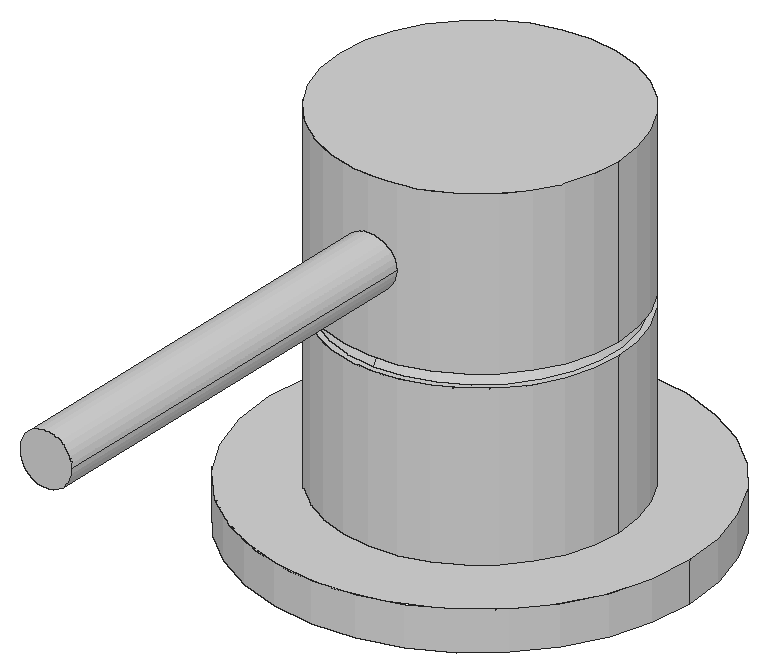
Revit family "Liano II - Bath-shower mixer - Round Cover Plate", category Specialty Equipment, host Face, Revit 2019
Family settings
  Host = Face
  Round Connector Dimension = Use Radius
  Part Type = Normal
  OmniClass Number = 23.45.55.17
  OmniClass Title = Mixing Faucets
  Cut with Voids When Loaded = No
  Shared = No
  Room Calculation Point = No
Parameters (values of type "Liano II - Bath/shower mixer - Round Cover Plate - Chrome")
  URL = "https://www.caroma.com.au/"
  Model = "96360C"
  Material_Base = GWA_Metal-Chrome
  Manufacturer = "GWA Bathrooms & Kitchens"  # constant formula
  Keynote = ""
  Description = "Liano II - Bath/shower mixer - Round Cover Plate - Chrome"
  Default Elevation = 1000 mm
  CreatedBy_ANZRS = "GWA Bathrooms & Kitchens"  # constant formula
  Assembly Code = "C1030220"
Types (6, lengths in mm): name | Model | Material_Base | Description
  (no name) | "96360C" | GWA_Metal-Chrome | "Liano II - Bath/shower mixer - Round Cover Plate - Chrome"
  Liano II - Bath/shower mixer - Round Cover Plate - Chrome | "96360C" | GWA_Metal-Chrome | "Liano II - Bath/shower mixer - Round Cover Plate - Chrome"
  Liano II - Bath/shower mixer - Round Cover Plate - Matte Black | "96360B" | GWA-Metal-Black | "Liano II - Bath/shower mixer - Round Cover Plate - Matte Black"
  Liano II - Bath/shower mixer - Round Cover Plate - Brass | "96360BB" | GWA_Metal-Brushed-Brass | "Liano II - Bath/shower mixer - Round Cover Plate - Brass"
  Liano II - Bath/shower mixer - Round Cover Plate - Gunmetal | "96360GM" | GWA-Metal-Gunmetal Grey | "Liano II - Bath/shower mixer - Round Cover Plate - Gunmetal"
  Liano II - Bath/Shower mixer - Round Cover Plate - Brushed Nickel | "96360BN" | GWA_Metal-Brushed-Nickel | "Liano II - Bath/Shower mixer - Round Cover Plate - Brushed Nickel"
Reference planes
  plane 1 "Center (Front/Back)": y = 0
  plane 2: z = 0
  plane 3 "Center (Left/Right)": x = 0
Forms (mm)
  Extrusion 1, solid, material "GWA_Metal-Chrome" <- "Material_Base"
    sketch origin (0, 0, 0) x (1, 0, 0) y (0, 1, 0)
      loop
        circle (0, 0) r 32.5
    from 0 to 6
  Extrusion 2, solid, material "GWA_Metal-Chrome" <- "Material_Base"
    sketch origin (0, 0, 0) x (1, 0, 0) y (0, 1, 0)
      loop
        circle (0, 0) r 21.5
    from 6 to 30.5
  Extrusion 3, solid, material "GWA_Metal-Chrome" <- "Material_Base"
    sketch origin (0, 0, 0) x (1, 0, 0) y (0, 1, 0)
      loop
        circle (0, 0) r 21.5
    from 32.5 to 57.5
  Revolve 4, solid, material "GWA_Metal-Chrome" <- "Material_Base"
    sketch origin (0, 0, 0) x (0, 1, 0) y (0, 0, 1)
      loop
        line (0, 30.5) -> (20.6, 30.5)
        arc (20.6, 30.5) -> (18.521, 33.852) -> (15.9, 36.8) r 23
        line (15.9, 36.8) -> (0, 36.8) -> (0, 30.5)
      axis (0, 36.8) -> (0, 30.5)
    angle from 0 to 360
  Extrusion 5, solid, material "GWA_Metal-Chrome" <- "Material_Base"
    sketch origin (0, 0, 0) x (1, 0, 0) y (0, 0, 1)
      loop
        circle (0, 45.5) r 4
    from 0 to 84
Cuts and joins
  joined: Extrusion 3, Extrusion 5
Lines and regions (mm)
  Masking region 1
    outline origin (0, 0, 0) x (1, 0, 0) y (0, 1, 0)
      loop
        arc (4, -32.253) -> (0, 32.5) -> (-4, -32.253) r 32.5
        line (-4, -32.253) -> (-4, -84) -> (4, -84) -> (4, -32.253)
  Masking region 2
    outline origin (0, 0, 0) x (1, 0, 0) y (0, 0, 1)
      loop
        line (21.5, 6) -> (21.5, 30.5) -> (20.6, 30.5)
        arc (20.6, 30.5) -> (20.053, 31.514) -> (19.457, 32.5) r 23
        line (19.457, 32.5) -> (21.5, 32.5) -> (21.5, 57.5) -> (-21.5, 57.5) -> (-21.5, 32.5) -> (-19.457, 32.5)
        arc (-19.457, 32.5) -> (-20.053, 31.514) -> (-20.6, 30.5) r 23
        line (-20.6, 30.5) -> (-21.5, 30.5) -> (-21.5, 6) -> (-32.5, 6) -> (-32.5, 0) -> (32.5, 0) -> (32.5, 6) -> (21.5, 6)
  Masking region 3
    outline origin (-100, 0, 0) x (0, 1, 0) y (0, 0, 1)
      loop
        line (-21.5, 32.5) -> (-19.457, 32.5)
        arc (-19.457, 32.5) -> (-20.053, 31.514) -> (-20.6, 30.5) r 23
        line (-20.6, 30.5) -> (-21.5, 30.5) -> (-21.5, 6) -> (-32.5, 6) -> (-32.5, 0) -> (32.5, 0) -> (32.5, 6) -> (21.5, 6) -> (21.5, 30.5) -> (20.6, 30.5)
        arc (20.6, 30.5) -> (20.053, 31.514) -> (19.457, 32.5) r 23
        line (19.457, 32.5) -> (21.5, 32.5) -> (21.5, 57.5) -> (-21.5, 57.5) -> (-21.5, 49.5) -> (-84, 49.5) -> (-84, 41.5) -> (-21.5, 41.5) -> (-21.5, 32.5)
  symbolic lines
    curve 1: arc (4, -32.253, 0) -> (0, 32.5, 0) -> (-4, -32.253, 0) r 32.5
    curve 2: circle (0, 0, 0) r 21.5 normal (0, 0, 1)
    curve 3: line (-4, -84, 0) -> (4, -84, 0)
    curve 4: line (4, -84, 0) -> (4, -21.125, 0)
    curve 5: line (-4, -84, 0) -> (-4, -21.125, 0)
    curve 6: line (32.5, 0, 6) -> (-32.5, 0, 6)
    curve 7: line (32.5, 0, 0) -> (32.5, 0, 6)
    curve 8: line (-32.5, 0, 0) -> (32.5, 0, 0)
    curve 9: line (-32.5, 0, 6) -> (-32.5, 0, 0)
    curve 10: line (21.5, 0, 57.5) -> (-21.5, 0, 57.5)
    curve 11: line (21.5, 0, 32.5) -> (21.5, 0, 57.5)
    curve 12: line (-21.5, 0, 32.5) -> (21.5, 0, 32.5)
    curve 13: line (-21.5, 0, 57.5) -> (-21.5, 0, 32.5)
    curve 14: line (21.5, 0, 6) -> (21.5, 0, 30.5)
    curve 15: line (21.5, 0, 30.5) -> (-21.5, 0, 30.5)
    curve 16: line (-21.5, 0, 30.5) -> (-21.5, 0, 6)
    curve 17: arc (-19.457, 0, 32.5) -> (-20.053, 0, 31.514) -> (-20.6, 0, 30.5) r 23
    curve 18: arc (19.457, 0, 32.5) -> (20.053, 0, 31.514) -> (20.6, 0, 30.5) r 23
    curve 19: line (-100, -32.5, 6) -> (-100, 32.5, 6)
    curve 20: line (-100, -32.5, 0) -> (-100, -32.5, 6)
    curve 21: line (-100, 32.5, 0) -> (-100, -32.5, 0)
    curve 22: line (-100, 32.5, 6) -> (-100, 32.5, 0)
    curve 23: line (-100, -21.5, 57.5) -> (-100, 21.5, 57.5)
    curve 24: line (-100, -21.5, 32.5) -> (-100, -21.5, 41.5)
    curve 25: line (-100, 21.5, 57.5) -> (-100, 21.5, 32.5)
    curve 26: line (-100, 21.5, 30.5) -> (-100, 21.5, 6)
    curve 27: line (-100, -21.5, 30.5) -> (-100, -21.5, 6)
    curve 28: line (-100, -84, 49.5) -> (-100, -21.5, 49.5)
    curve 29: line (-100, -84, 41.5) -> (-100, -84, 49.5)
    curve 30: line (-100, -21.5, 41.5) -> (-100, -84, 41.5)
    curve 31: arc (-100, -21.5, 49.5) -> (-100, -21.125, 45.5) -> (-100, -21.5, 41.5) r 21.5
    curve 32: arc (-100, 19.457, 32.5) -> (-100, 20.053, 31.514) -> (-100, 20.6, 30.5) r 23
    curve 33: arc (-100, -19.457, 32.5) -> (-100, -20.053, 31.514) -> (-100, -20.6, 30.5) r 23
    curve 34: line (-100, -21.5, 49.5) -> (-100, -21.5, 57.5)
    curve 35: line (-100, -21.5, 32.5) -> (-100, 21.5, 32.5)
    curve 36: line (-100, 21.5, 30.5) -> (-100, -21.5, 30.5)
Dimensions and locks
  aligned and locked: plane 2 to host face
  aligned and locked: level to host face
Connectors
  piping at (-10, 0, 0), diameter 20
    settings: index 1, connector inside diameter 609.6 mm, connector length 0 mm, flow factor 0, pipe flow 0.0 L/s, pressure drop 0.0 Pa, fitting loss kfactor 0, connector angle 0.00°, fixture units 0, engagement length 0 mm, angle of deflection 0.00°, flow configuration 3, flow direction 1, fitting loss method 0, system type 19, joint type 0, gender type 0, connector reference index -1, connector utility 0, adjustable connector no, is connector primary yes, connector description ""
  piping at (10, 0, 0), diameter 20
    settings: index 2, connector inside diameter 609.6 mm, connector length 0 mm, flow factor 0, pipe flow 0.0 L/s, pressure drop 0.0 Pa, fitting loss kfactor 0, connector angle 0.00°, fixture units 0, engagement length 0 mm, angle of deflection 0.00°, flow configuration 3, flow direction 1, fitting loss method 0, system type 20, joint type 0, gender type 0, connector reference index -1, connector utility 0, adjustable connector no, is connector primary no, connector description ""
